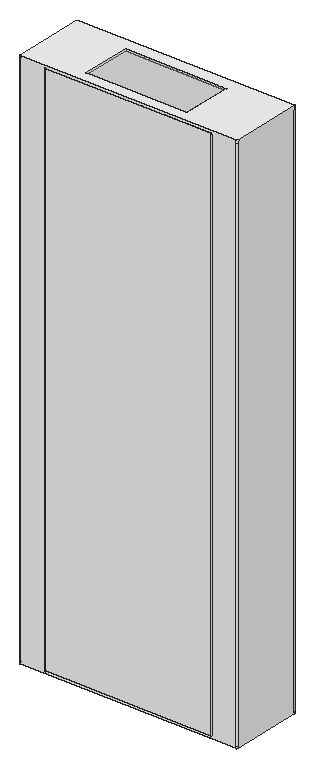
Revit family "STL22738BR_PTO_30", category Luminárias, Revit 2023
Family settings
  Hospedeiro = Parede
  Cota do conector redondo = Utilizar diâmetro
  Tipo de parte = Normal
  Número OmniClass = 23.80.70.00
  Título OmniClass = Lighting
  Sempre na vertical = Sim
  Corte com vazios quando carregada = Não
  Fonte luminosa = Sim
  Manter orientação da anotação = Não
  Compartilhado = Não
  Ponto de cálculo do ambiente = Não
Parameters (values of type "STH22738BR/30 - BRANCO - BIVOLT - 3000K - 90lm")
  Ângulo de inclinação = -90.00°
  Ângulo de Abertura = "4°/4°"
  Wattage = 0.302945 W
  Vidro = Vidro
  URL = "https://stella.com.br/"
  Troca de temperatura da cor de lâmpada com esmaecimento = <Nenhum>
  Tensão Elétrica = "100V-240V"
  built-in parameter 1150107 = 3000 (stored number, unit not read)
  Temperatura da cor (K) = 3000 K
  Referência = "STH22738BR/30"
  Potência = 15 W
  built-in parameter 1150110 = 1 (stored number, unit not read)
  built-in parameter 1150109 = 1 (stored number, unit not read)
  built-in parameter 1114218 = 1 (stored number, unit not read)
  built-in parameter 1150112 = 1 (stored number, unit not read)
  built-in parameter 1150113 = 1 (stored number, unit not read)
  built-in parameter 1150132 = 2
  built-in parameter 1150137 = (empty or 0)
  Modelo = "Wall Max"
  Luminoso = Luminoso - 3000K
  built-in parameter 1150106 = 32.773 (stored number, unit not read)
  Largura = 0.04 m
  built-in parameter 1150102 = (empty or 0)
  built-in parameter 1150105 = 3277.3 (stored number, unit not read)
  IRC (Índice de reprodução de cores) = ">80"
  Grau de proteção (IP) = "IP65"
  Fluxo Luminoso_STL22738PTO = no
  Fluxo Luminoso_STH22738BR = yes
  Fluxo Luminoso = 90 lm
  Color Filter = 16777215
  built-in parameter 1114217 = 1 (stored number, unit not read)
  built-in parameter 1150139 = (empty or 0)
  Fabricante = "Stella"
  Estrutura = Al - Branco
  Default Elevation = 0.00 m
  built-in parameter 1150104 = 13.8 (stored number, unit not read)
  Dimerização = "Não dimerizável"
  built-in parameter 1150115 = 1 (stored number, unit not read)
  built-in parameter 1150114 = 1 (stored number, unit not read)
  Lumens = 45 lm
  built-in parameter 1150138 = (empty or 0)
  built-in parameter 1150134 = (empty or 0)
  Comprimento = 0.12 m
  Arquivo de rede fotométrica = "STL22738BR.ies"
  Altura = 0.30 m
  built-in parameter 1150133 = 10 (stored number, unit not read)
Types (3, lengths in m): name | Referência | Estrutura | Arquivo de rede fotométrica
  (no name) | "STH22738BR/30" | Al - Branco | "STL22738BR.ies"
  STH22738BR/30 - BRANCO - BIVOLT - 3000K - 90lm | "STH22738BR/30" | Al - Branco | "STL22738BR.ies"
  STH22738PTO/30 - PRETO - BIVOLT - 3000K - 90lm | "STH22738PTO/30" | Al - Preto | "STL22738PTO.ies"
Reference planes (m)
  plane 1: y = 0
  plane 2 "Eixo de origem da luz (F/T)": y = 0.123236
  plane 3 "Plano de inclinação da fonte de luz": x = -0.036356
  plane 4 "Elevação da origem da luz": z = 1
  plane 5: x = 0.023644
  plane 6: x = -0.096356
  plane 7: y = 0.1432
  plane 8 "Superior": z = 1.15
  plane 9: z = 0.85
  plane 10 "Centro": z = 1
  plane 11: y = 0.1032
Forms (m)
  Extrusion 1, solid, material "Al - Branco" <- "Estrutura"
    sketch origin (0, 0, 1) x (0, 1, 0) y (-1, 0, 0)
      loop
        line (0.1047, 0.094856) -> (0.1417, 0.094856) -> (0.1417, -0.022144) -> (0.1047, -0.022144) -> (0.1047, -0.009644) -> (0.1032, -0.009644) -> (0.1032, -0.022644)
        arc (0.1032, -0.022644) -> (0.103493, -0.023351) -> (0.1042, -0.023644) r 0.001
        line (0.1042, -0.023644) -> (0.1422, -0.023644)
        arc (0.1422, -0.023644) -> (0.142907, -0.023351) -> (0.1432, -0.022644) r 0.001
        line (0.1432, -0.022644) -> (0.1432, 0.095356)
        arc (0.1432, 0.095356) -> (0.142907, 0.096063) -> (0.1422, 0.096356) r 0.001
        line (0.1422, 0.096356) -> (0.1042, 0.096356)
        arc (0.1042, 0.096356) -> (0.103493, 0.096063) -> (0.1032, 0.095356) r 0.001
        line (0.1032, 0.095356) -> (0.1032, 0.082356) -> (0.1047, 0.082356) -> (0.1047, 0.094856)
    from -0.149 to 0.149
  Extrusion 2, solid, material "Al - Branco" <- "Estrutura"
    sketch origin (0, 0, 1) x (0, 1, 0) y (-1, 0, 0)
      loop
        line (0.1032, 0.081637) -> (0.1032, -0.008925)
        arc (0.1032, -0.008925) -> (0.103367, -0.009328) -> (0.103769, -0.009494) r 0.000569
        line (0.103769, -0.009494) -> (0.10505, -0.009494) -> (0.10505, -0.007494) -> (0.1042, -0.007494) -> (0.1042, 0.080206) -> (0.10505, 0.080206) -> (0.10505, 0.082206) -> (0.103769, 0.082206)
        arc (0.103769, 0.082206) -> (0.103367, 0.082039) -> (0.1032, 0.081637) r 0.000569
    from -0.149 to 0.149
  Extrusion 3, solid, material "Vidro" <- "Vidro"
    sketch origin (0.2, 0, 1) x (0, 1, 0) y (-1, 0, 0)
      loop
        line (0.1362, 0.264106) -> (0.108936, 0.264106) -> (0.108936, 0.208656) -> (0.1362, 0.208656) -> (0.1362, 0.264106)
    from 0.149 to 0.15
  Extrusion 4, solid, material "Al - Branco" <- "Estrutura"
    sketch origin (0, 0, 1) x (0, 1, 0) y (-1, 0, 0)
      loop
        line (0.140036, 0.093406) -> (0.108936, 0.093406) -> (0.108936, -0.020694) -> (0.140036, -0.020694) -> (0.140036, 0.093406)
      loop
        arc (0.1432, 0.095356) -> (0.142907, 0.096063) -> (0.1422, 0.096356) r 0.001
        line (0.1422, 0.096356) -> (0.1042, 0.096356)
        arc (0.1042, 0.096356) -> (0.103493, 0.096063) -> (0.1032, 0.095356) r 0.001
        line (0.1032, 0.095356) -> (0.1032, -0.022644)
        arc (0.1032, -0.022644) -> (0.103493, -0.023351) -> (0.1042, -0.023644) r 0.001
        line (0.1042, -0.023644) -> (0.1422, -0.023644)
        arc (0.1422, -0.023644) -> (0.142907, -0.023351) -> (0.1432, -0.022644) r 0.001
        line (0.1432, -0.022644) -> (0.1432, 0.095356)
    from 0.149 to 0.15
  Extrusion 5, solid, material "Al - Branco" <- "Estrutura"
    sketch origin (0, 0, 1) x (-1, 0, 0) y (0, -1, 0)
      loop
        line (0.064106, -0.1362) -> (0.064106, -0.108936) -> (0.008656, -0.108936) -> (0.008656, -0.1362) -> (0.064106, -0.1362)
      loop
        arc (0.095356, -0.1432) -> (0.096063, -0.142907) -> (0.096356, -0.1422) r 0.001
        line (0.096356, -0.1422) -> (0.096356, -0.1042)
        arc (0.096356, -0.1042) -> (0.096063, -0.103493) -> (0.095356, -0.1032) r 0.001
        line (0.095356, -0.1032) -> (-0.022644, -0.1032)
        arc (-0.022644, -0.1032) -> (-0.023351, -0.103493) -> (-0.023644, -0.1042) r 0.001
        line (-0.023644, -0.1042) -> (-0.023644, -0.1422)
        arc (-0.023644, -0.1422) -> (-0.023351, -0.142907) -> (-0.022644, -0.1432) r 0.001
        line (-0.022644, -0.1432) -> (0.095356, -0.1432)
    from 0.149 to 0.15
  Extrusion 6, solid, material "Al - Branco" <- "Estrutura"
    sketch origin (0, 0, 1) x (-1, 0, 0) y (0, -1, 0)
      loop
        line (0.064106, -0.1362) -> (0.064106, -0.108936) -> (0.008656, -0.108936) -> (0.008656, -0.1362) -> (0.064106, -0.1362)
      loop
        arc (0.095356, -0.1432) -> (0.096063, -0.142907) -> (0.096356, -0.1422) r 0.001
        line (0.096356, -0.1422) -> (0.096356, -0.1042)
        arc (0.096356, -0.1042) -> (0.096063, -0.103493) -> (0.095356, -0.1032) r 0.001
        line (0.095356, -0.1032) -> (-0.022644, -0.1032)
        arc (-0.022644, -0.1032) -> (-0.023351, -0.103493) -> (-0.023644, -0.1042) r 0.001
        line (-0.023644, -0.1042) -> (-0.023644, -0.1422)
        arc (-0.023644, -0.1422) -> (-0.023351, -0.142907) -> (-0.022644, -0.1432) r 0.001
        line (-0.022644, -0.1432) -> (0.095356, -0.1432)
    from -0.15 to -0.149
  Sweep 7, solid, material "Vidro" <- "Vidro"
    path origin (-0.072711, 0, 0.731948) x (1, 0, 0) y (0, 1, 0)
      loop
        line (0.064056, 0.1362) -> (0.008606, 0.1362) -> (0.008606, 0.108936) -> (0.064056, 0.108936) -> (0.064056, 0.1362)
    profile origin (-0.008656, 0.122568, 0.731948) x (-1, 0, 0) y (0, 0, 1)
      loop
        line (0, 0.122052) -> (0, 0.118052) -> (0.003, 0.118052) -> (0.003, 0.119052) -> (0.001, 0.119052) -> (0.001, 0.122052) -> (0, 0.122052)
  Extrusion 8, solid, material "Vidro" <- "Vidro"
    sketch origin (0, 0, 1) x (0, 1, 0) y (-1, 0, 0)
      loop
        line (0.1332, 0.061106) -> (0.111936, 0.061106) -> (0.111936, 0.011656) -> (0.1332, 0.011656) -> (0.1332, 0.061106)
    from -0.15 to -0.149
Cuts and joins
  joined: Sweep 7, Extrusion 8
  joined: Extrusion 1, Extrusion 4, Extrusion 5, Extrusion 6
Text (m)
  text "Lado da colocação" at (0, 1.019848, 2.984603), in view "Direita"
  text "Lado da colocação" at (-0.592662, 0.673012, 0), in view "Nível de referência"
  text "Lado da colocação" at (0, 1.206291, 3.191227), in view "Esquerda"
  text "90 graus" at (-0.2286, 1.737863, 1.839117), in view "Esquerda"
  text "Inclinação da luz de 0 graus" at (-0.2286, 0.870797, 0.30306), in view "Esquerda"
  text "180 graus" at (-0.2286, 0.532154, 2.471909), in view "Esquerda"
Dimensions and locks (m)
  "Comprimento": plane 6 to plane 5
  "Altura": plane 9 to plane 8 "Superior"
  "Largura": plane 7 to plane 11
Automatic sketch dimensions
  Extrusion 1 sketch curve to host wall = 0.00 m  (x2)
  Extrusion 1 sketch curve to plane 5 = 0.00 m
  Extrusion 1 sketch curve to plane 6 = 0.00 m
  Extrusion 1 sketch curve to plane 7 = 0.00 m
  host wall to Extrusion 1 sketch curve = 0.001 m
  Extrusion 1 sketch curve to Extrusion 1 sketch curve = 0.001 m
  Extrusion 1 sketch curve to Extrusion 1 sketch curve = 0.0005 m  (x4)
  Extrusion 1 sketch curve to Extrusion 1 sketch curve = 0.0015 m
  Extrusion 1 sketch curve to plane 7 = 0.0015 m
  Extrusion 1 sketch curve to plane 7 = 0.001 m
  Extrusion 1 sketch curve to Extrusion 1 sketch curve = 0.0125 m
  Extrusion 1 sketch curve to Extrusion 1 sketch curve = 0.013 m
  Extrusion 2 sketch curve to host wall = 0.00 m
  host wall to Extrusion 2 sketch curve = 0.000569 m
  Extrusion 2 sketch curve to Extrusion 2 sketch curve = 0.000569 m
  host wall to Extrusion 2 sketch curve = 0.001 m
  Extrusion 2 sketch curve to Extrusion 2 sketch curve = 0.00085 m  (x2)
  Extrusion 2 sketch curve to plane 5 = 0.01415 m
  Extrusion 2 sketch curve to Extrusion 2 sketch curve = 0.001431 m  (x2)
  plane 6 to Extrusion 2 sketch curve = 0.01615 m
  Extrusion 4 sketch curve to host wall = 0.00 m
  Extrusion 4 sketch curve to plane 6 = 0.00 m
  Extrusion 4 sketch curve to plane 5 = 0.00 m
  Extrusion 4 sketch curve to plane 7 = 0.00 m
  host wall to Extrusion 4 sketch curve = 0.001 m
  Extrusion 4 sketch curve to Extrusion 4 sketch curve = 0.001 m  (x2)
  Extrusion 4 sketch curve to Extrusion 4 sketch curve = 0.004736 m
  Extrusion 4 sketch curve to plane 7 = 0.003164 m
  Extrusion 4 sketch curve to plane 7 = 0.001 m
  Extrusion 4 sketch curve to Extrusion 4 sketch curve = 0.00195 m  (x2)
  plane 5 to Extrusion 5 sketch curve = 0.00 m
  Extrusion 5 sketch curve to host wall = 0.00 m
  Extrusion 5 sketch curve to plane 7 = 0.00 m
  plane 6 to Extrusion 5 sketch curve = 0.00 m
  Extrusion 5 sketch curve to Extrusion 5 sketch curve = 0.001 m  (x2)
  Extrusion 5 sketch curve to Extrusion 5 sketch curve = 0.0313 m
  plane 6 to Extrusion 5 sketch curve = 0.03225 m
  plane 6 to Extrusion 5 sketch curve = 0.001 m  (x2)
  Extrusion 5 sketch curve to Extrusion 5 sketch curve = 0.006 m
  Extrusion 5 sketch curve to Extrusion 5 sketch curve = 0.004736 m
  Extrusion 6 sketch curve to plane 5 = 0.00 m
  Extrusion 6 sketch curve to host wall = 0.00 m
  Extrusion 6 sketch curve to plane 7 = 0.00 m
  Extrusion 6 sketch curve to plane 6 = 0.00 m
  Extrusion 6 sketch curve to Extrusion 6 sketch curve = 0.001 m  (x2)
  Extrusion 6 sketch curve to Extrusion 6 sketch curve = 0.0313 m
  plane 6 to Extrusion 6 sketch curve = 0.03225 m
  plane 6 to Extrusion 6 sketch curve = 0.001 m  (x2)
  Extrusion 6 sketch curve to Extrusion 6 sketch curve = 0.006 m
  Extrusion 6 sketch curve to Extrusion 6 sketch curve = 0.004736 m
  plane 6 to Sweep 7 sketch curve = 0.03225 m
  Sweep 7 sketch curve to plane 5 = 0.0323 m
  plane 11 to Sweep 7 sketch curve = 0.005736 m
  Sweep 7 sketch curve to plane 7 = 0.007 m
  Sweep 7 sketch curve to profile plane = 0.00 m
  Sweep 7 sketch curve to profile plane = 0.001 m
  Sweep 7 sketch curve to Sweep 7 sketch curve = 0.002 m
  profile plane to Sweep 7 sketch curve = 0.118052 m
  Sweep 7 sketch curve to Sweep 7 sketch curve = 0.001 m
  Sweep 7 sketch curve to Sweep 7 sketch curve = 0.003 m
  plane 2 "Eixo de origem da luz (F/T)" to Extrusion 8 sketch curve = 0.0113 m
  Extrusion 8 sketch curve to plane 7 = 0.01 m
  plane 6 to Extrusion 8 sketch curve = 0.0847 m
  Extrusion 8 sketch curve to Extrusion 8 sketch curve = 0.04945 m
  host wall to Extrusion 3 sketch curve = 0.005736 m
  Extrusion 3 sketch curve to plane 7 = 0.007 m
  Extrusion 3 sketch curve to plane 3 "Plano de inclinação da fonte de luz" = 0.0277 m
  plane 3 "Plano de inclinação da fonte de luz" to Extrusion 3 sketch curve = 0.02775 m
Nested families (m)
  nested 1: "Fluxo Luminoso_Way Plus STL22738PTO" at (-0.036356, 0.116702, 0.87025) x (-1, 0.0002, 0) z (0, 0, 1), visible <- "Fluxo Luminoso_STL22738PTO", type "Fluxo Luminoso_Way Plus STL22738PTO"
  nested 2: "Fluxo Luminoso_Way Plus STL22738BR" at (-0.036356, 0.116702, 0.87025) x (-1, -0.0003, 0) z (0, 0, 1), visible <- "Fluxo Luminoso_STH22738BR", type "Fluxo Luminoso_Way Plus STL22738BR"
Connectors (m)
  electrical at (-0.036356, 0.123236, 1)
    settings: index 1, voltage 0 V, apparent load 0 VA, apparent load phase1 0 VA, apparent load phase2 0 VA, apparent load phase3 0 VA, power factor 1, load classification "Outro", number of poles 1, system type 31, power factor state 1, is connector primary yes, connector utility no, sub classification motor no, connector description ""
Definition of nested family "Fluxo Luminoso_Way Plus STL22738PTO"
  Parameters (values of type "Fluxo Luminoso_Way Plus STL22738PTO")
    Wattage = 0.302945 W
    built-in parameter 1150110 = 1 (stored number, unit not read)
    built-in parameter 1114217 = 1 (stored number, unit not read)
    built-in parameter 1150109 = 1 (stored number, unit not read)
    Default Elevation = 0.00 m
    built-in parameter 1150134 = (empty or 0)
    built-in parameter 1150113 = 1 (stored number, unit not read)
    Lumens = 45 lm
    Tilt Angle = 90.00°
    built-in parameter 1150115 = 1 (stored number, unit not read)
    built-in parameter 1150105 = 3277.3 (stored number, unit not read)
    built-in parameter 1150137 = (empty or 0)
    built-in parameter 1150139 = (empty or 0)
    built-in parameter 1150112 = 1 (stored number, unit not read)
    built-in parameter 1150114 = 1 (stored number, unit not read)
    built-in parameter 1150132 = 2
    built-in parameter 1150102 = (empty or 0)
    built-in parameter 1150138 = (empty or 0)
    built-in parameter 1150107 = 3000 (stored number, unit not read)
    built-in parameter 1150106 = 32.773 (stored number, unit not read)
    built-in parameter 1150104 = 13.8 (stored number, unit not read)
    Dimming Lamp Color Temperature Shift = (empty or 0)
    Color Filter = 16777215
    built-in parameter 1114218 = 1 (stored number, unit not read)
    Photometric Web File = "2,5° e 4 planos intensidade.ies"
    built-in parameter 1150133 = 10 (stored number, unit not read)
  Reference planes (m)
    plane 1 "Plano de inclinação (F/T)": y = 0
    plane 2: z = 0
    plane 3 "Eixo de origem da luz (E/D)": x = 0
    plane 4 "Elevação da origem da luz": z = 1.3716
  Text (m)
    text "Ângulo de inclinação de 0 graus" at (0.809978, -4.572, 1.586413), in view "Parte frontal"
    text "90" at (-0.194597, -4.572, 2.488248), in view "Parte frontal"
    text "180" at (-1.13068, -4.572, 1.586413), in view "Parte frontal"
    text "270" at (-0.320169, -4.572, 0.456265), in view "Parte frontal"
    text "Ângulo de inclinação de 0 graus" at (1.952354, 4.572, 1.54298), in view "Parte posterior"
    text "180" at (-0.876627, 4.572, 1.524796), in view "Parte posterior"
    text "90" at (0.296375, 4.572, 2.698908), in view "Parte posterior"
    text "270" at (0.421947, 4.572, 0.666926), in view "Parte posterior"
  Dimensions and locks (m)
    aligned and locked: plane 3 "Eixo de origem da luz (E/D)" to imposter light
    aligned and locked: level to plane 2
Definition of nested family "Fluxo Luminoso_Way Plus STL22738BR"
  Parameters (values of type "Fluxo Luminoso_Way Plus STL22738BR")
    Wattage = 0.302945 W
    built-in parameter 1150110 = 1 (stored number, unit not read)
    built-in parameter 1114217 = 1 (stored number, unit not read)
    built-in parameter 1150109 = 1 (stored number, unit not read)
    Default Elevation = 0.00 m
    built-in parameter 1150134 = (empty or 0)
    built-in parameter 1150113 = 1 (stored number, unit not read)
    Lumens = 45 lm
    Tilt Angle = 90.00°
    built-in parameter 1150115 = 1 (stored number, unit not read)
    built-in parameter 1150105 = 3277.3 (stored number, unit not read)
    built-in parameter 1150137 = (empty or 0)
    built-in parameter 1150139 = (empty or 0)
    built-in parameter 1150112 = 1 (stored number, unit not read)
    built-in parameter 1150114 = 1 (stored number, unit not read)
    built-in parameter 1150132 = 2
    built-in parameter 1150102 = (empty or 0)
    built-in parameter 1150138 = (empty or 0)
    built-in parameter 1150107 = 3000 (stored number, unit not read)
    built-in parameter 1150106 = 32.773 (stored number, unit not read)
    built-in parameter 1150104 = 13.8 (stored number, unit not read)
    Dimming Lamp Color Temperature Shift = (empty or 0)
    Color Filter = 16777215
    built-in parameter 1114218 = 1 (stored number, unit not read)
    Photometric Web File = "STL22738BR.ies"
    built-in parameter 1150133 = 10 (stored number, unit not read)
  Reference planes (m)
    plane 1 "Plano de inclinação (F/T)": y = 0
    plane 2: z = 0
    plane 3 "Eixo de origem da luz (E/D)": x = 0
    plane 4 "Elevação da origem da luz": z = 1.3716
  Text (m)
    text "Ângulo de inclinação de 0 graus" at (0.809978, -4.572, 1.586413), in view "Parte frontal"
    text "90" at (-0.194597, -4.572, 2.488248), in view "Parte frontal"
    text "180" at (-1.13068, -4.572, 1.586413), in view "Parte frontal"
    text "270" at (-0.320169, -4.572, 0.456265), in view "Parte frontal"
    text "Ângulo de inclinação de 0 graus" at (1.952354, 4.572, 1.54298), in view "Parte posterior"
    text "180" at (-0.876627, 4.572, 1.524796), in view "Parte posterior"
    text "90" at (0.296375, 4.572, 2.698908), in view "Parte posterior"
    text "270" at (0.421947, 4.572, 0.666926), in view "Parte posterior"
  Dimensions and locks (m)
    aligned and locked: plane 3 "Eixo de origem da luz (E/D)" to imposter light
    aligned and locked: level to plane 2
